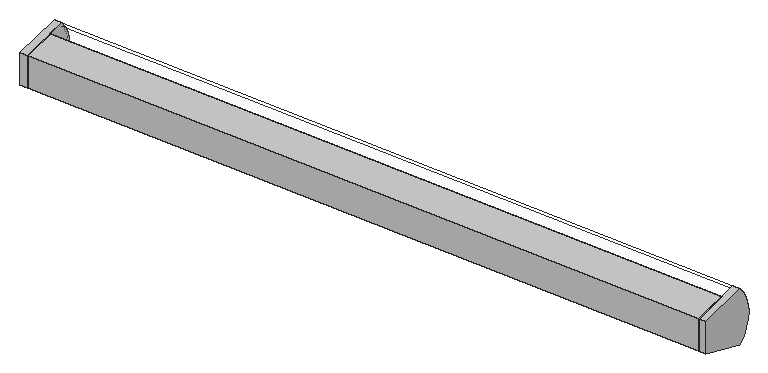
Revit family "67L-W-Bell", category Lighting Fixtures, host Wall, Revit 2021
Family settings
  Host = Wall
  Round Connector Dimension = Use Diameter
  Part Type = Normal
  OmniClass Number = 23.80.70.11.14.17
  OmniClass Title = Direct/Indirect
  Always vertical = Yes
  Cut with Voids When Loaded = No
  Light Source = Yes
  Shared = Yes
  Room Calculation Point = No
Parameters (values of type "Note 67L-Textured Matte White")
  Width = 48.00"
  Watts = 4.5 W
  Wattage Comments = "550 to 1800 lumens/ft"  # constant formula
  Wattage = 4.5 W
  built-in parameter 1150110 = 1 (stored number, unit not read)
  Voltage = 120 V
  URL = "https://www.currentlighting.com/litecontrol"
  Type Comments = "Lighting Fixture"  # constant formula
  built-in parameter 1114217 = 1 (stored number, unit not read)
  Tilt Angle = 0.00°
  built-in parameter 1150109 = 1 (stored number, unit not read)
  built-in parameter 1150134 = (empty or 0)
  built-in parameter 1150113 = 1 (stored number, unit not read)
  Photometric Web File = "67L-W-D-4-4-DM-C1-35K-D055.IES"
  Photometric Notes = "Photometric Web files Download in below link"  # constant formula
  Glass = White Glass
  Product Page URL = ""
  Product Documentation Link = ""
  Power Factor = 1
  Model = "67L-W-Bell"  # constant formula
  Manufacturer = "Litecontrol"  # constant formula
  built-in parameter 1150105 = 43.33 (stored number, unit not read)
  Lumens = 544.5 lm
  built-in parameter 1150115 = 1 (stored number, unit not read)
  Load Classification = Lighting
  built-in parameter 1150137 = (empty or 0)
  built-in parameter 1150139 = (empty or 0)
  built-in parameter 1150112 = 1 (stored number, unit not read)
  built-in parameter 1150114 = 1 (stored number, unit not read)
  Lamp = "LED"  # constant formula
  built-in parameter 1150132 = (empty or 0)
  built-in parameter 1150102 = (empty or 0)
  built-in parameter 1150107 = 3500 (stored number, unit not read)
  built-in parameter 1150138 = (empty or 0)
  built-in parameter 1150106 = 0.4333 (stored number, unit not read)
  Emit from Rectangle Width = Width - 1.00"  # 47.00"
  Emit from Rectangle Length = 3.00"  # constant formula
  Emit Shape Visible in Rendering = no
  built-in parameter 1150104 = 11.241 (stored number, unit not read)
  Dimming Lamp Color Temperature Shift = <None>
  Description = "The NOTE 67L Wall Mount brings direct illumination, ADA compliance, performance and versatility, all within a slim profile and a fresh, contemporary style"  # constant formula
  Default Elevation = 0.00"
  Contact Us = ""
  Color Filter = 16777215
  Housing Material = Paint -  Textured Matte White
  built-in parameter 1114218 = 1 (stored number, unit not read)
  built-in parameter 1150133 = 10 (stored number, unit not read)
  Assembly Code = "D5020210"
  Apparent Load = Watts / Power Factor  # 4.5 VA
Types (6): name | Housing Material
  Note 67L-Carbon Black | Paint -  Carbon Black
  Note 67L-Textured Matte White | Paint -  Textured Matte White
  Note 67L-Light Silver | Paint - Light Silver
  Note 67L-Machined Aluminum | Paint -  Machined Aluminum
  Note 67L-Textured Camera Black | Paint - Textured Camera Black
  Note 67L-Matte White | Paint -  Matte White
Reference planes (in)
  plane 1 "Wall": y = 0
  plane 2 "Center (Left/Right)": x = 4.92126
  plane 3 "Back": y = 2.95276
  plane 4: y = 5.95276
  plane 5: z = 81.34304
Text (in)
  text "Placement Side" at (-36.97918, 19.73443, 0), in view "Ref. Level"
  text "Placement side" at (0, 27.32912, 79.68064), in view "Left"
  text "Placement side" at (0, 10.24977, 82.91007), in view "Right"
Dimensions and locks (in)
  locked: plane 3 "Back" to host wall
  locked: plane 3 "Back" to plane 4 at 3
  aligned and locked: plane 1 "Wall" to host wall
  aligned and locked: nested 1 to plane 2 "Center (Left/Right)"
  aligned and locked: nested 1 to plane 5
Nested families (in)
  nested 1: "Bell Light" at (2.87359, 2.95276, 81.30305) x (-1, 0, 0) z (0, 1, 0), Glass <- "Glass", Backbox <- "Housing Material", Row Length <- "Width", type "Bell Light"
    with Row Length 48.00", Glass White Glass, Backbox Paint -  Textured Matte White
Connectors (in)
  electrical at (4.92126, 2.95276, 81.34499), driven by "Load Classification", driven by "Voltage", driven by "Apparent Load", driven by "Power Factor"
    settings: on nested 1, index 1, voltage 120 V, apparent load 4.5 VA, apparent load phase1 0 VA, apparent load phase2 0 VA, apparent load phase3 0 VA, power factor 1, load classification "Lighting", number of poles 1, system type 30, power factor state 1, is connector primary yes, connector utility no, sub classification motor no, connector description "Lighting Connector"
Definition of nested family "Bell Light"
  Parameters
    Wattage Comments = ""
    URL = ""
    Row Length [instance] = 24.00"
    Product Page URL = ""
    Product Documentation Link = ""
    Model = ""
    Manufacturer Phone = ""
    Manufacturer Fax = ""
    Manufacturer = ""
    Lamp = ""
    Glass [instance] = none
    Description = ""
    Default Elevation = 48.00"
    Backbox [instance] = none
  Reference planes (in)
    plane 1 "Center (Front/Back)": y = 0.03999
    plane 2: z = 0
    plane 3 "Center (Left/Right)": x = -2.04767
    plane 4: x = -14.04767
    plane 5: x = 9.95233
    plane 6: x = -13.54767
    plane 7: x = 9.45233
    plane 8: z = 3.7
    plane 9: y = -1.71001
    plane 10: y = 1.78999
    plane 11: z = 2
    plane 12: y = -0.96001
    plane 13: y = 1.03999
  Forms (in)
    Extrusion 1, solid
      sketch origin (0, 0, 0.06357) x (1, 0, 0) y (0, 1, 0)
        loop
          line (-48, 48) -> (-48, -48) -> (48, -48) -> (48, 48) -> (-48, 48)
      from -0.06357 to -6.06357
    Extrusion 2, solid, material <- "Backbox"
      sketch origin (-2.04767, 0, 0) x (0, 1, 0) y (0, 0, 1)
        loop
          line (-0.96001, 0) -> (1.0439, 0) -> (1.78999, 2.98437)
          arc (1.78999, 2.98437) -> (0.04194, 3.7) -> (-1.7061, 2.98437) r 2.49278
          line (-1.7061, 2.98437) -> (-0.96001, 0)
      from 11.5 to 12
    Extrusion 3, solid, material <- "Backbox"
      sketch origin (-2.04767, 0, 0) x (0, 1, 0) y (0, 0, 1)
        loop
          line (-0.96001, 0) -> (1.0439, 0) -> (1.78999, 2.98437)
          arc (1.78999, 2.98437) -> (0.04194, 3.7) -> (-1.7061, 2.98437) r 2.49278
          line (-1.7061, 2.98437) -> (-0.96001, 0)
      from -11.5 to -12
    Extrusion 4, solid, material <- "Glass"
      sketch origin (-2.04767, 0, 0) x (0, 1, 0) y (0, 0, 1)
        loop
          line (1.5439, 2) -> (1.78999, 2.98437)
          arc (1.78999, 2.98437) -> (0.04194, 3.7) -> (-1.7061, 2.98437) r 2.49278
          line (-1.7061, 2.98437) -> (-1.46001, 2) -> (-1.33116, 2) -> (-1.56721, 2.94418)
          arc (-1.56721, 2.94418) -> (0.04194, 3.575) -> (1.65109, 2.94418) r 2.36778
          line (1.65109, 2.94418) -> (1.41505, 2) -> (1.5439, 2)
      from -11.5 to 11.5
    Extrusion 5, solid, material <- "Backbox"
      sketch origin (-2.04767, 0, 0) x (0, 1, 0) y (0, 0, 1)
        loop
          line (-0.96001, 0) -> (1.0439, 0) -> (1.5439, 2) -> (-1.46001, 2) -> (-0.96001, 0)
      from -11.5 to 11.5
  Dimensions and locks (in)
    equal spacing: plane 5, plane 3 "Center (Left/Right)", plane 4
    plane 6 to plane 4 = 0.50"
    "Row Length": plane 5 to plane 4
    equal spacing: plane 7, plane 3 "Center (Left/Right)", plane 6
    locked: plane 8 to Extrusion 1 at 3.7
    locked: plane 1 "Center (Front/Back)" to plane 9 at 1.75
    locked: plane 10 to plane 9 at 3.5
    locked: plane 13 to plane 12 at 2
    aligned and locked: plane 2 to Extrusion 1
    aligned and locked: level to Extrusion 1
    aligned and locked: plane 5 to Extrusion 2
    aligned and locked: Extrusion 2 to plane 7
    aligned and locked: plane 7 to Extrusion 5
    aligned and locked: Extrusion 5 to plane 6
    aligned and locked: Extrusion 3 to plane 4
    aligned and locked: plane 6 to Extrusion 3
    aligned and locked: Extrusion 5 sketch curve to level
    aligned and locked: Extrusion 5 to Extrusion 3 sketch curve
    aligned and locked: Extrusion 2 sketch curve to Extrusion 3  (x2)
    aligned and locked: Extrusion 4 to plane 6
    aligned and locked: plane 7 to Extrusion 4
    aligned and locked: Extrusion 3 to Extrusion 2 sketch curve
    aligned and locked: Extrusion 2 to Extrusion 5
    aligned and locked: Extrusion 5 to Extrusion 2
    aligned and locked: plane 11 to Extrusion 5
    aligned and locked: Extrusion 3 to Extrusion 4 sketch curve
    aligned and locked: Extrusion 4 sketch curve to Extrusion 3  (x2)
  Automatic sketch dimensions
    Extrusion 1 sketch curve to Extrusion 1 sketch curve = 96.00"  (x2)
    Extrusion 2 sketch curve to plane 10 = 0.74609"
    Extrusion 5 sketch curve to plane 9 = 0.25"
    Extrusion 5 sketch curve to plane 9 = 0.75"
    Extrusion 5 sketch curve to plane 10 = 0.74609"
    Extrusion 5 sketch curve to plane 10 = 0.24609"
    Extrusion 5 sketch curve to plane 8 = 1.70"
    plane 11 to Extrusion 4 sketch curve = 0.00"  (x2)
    Extrusion 4 sketch curve to Extrusion 4 sketch curve = 0.12885"  (x2)
    Extrusion 4 sketch curve to plane 10 = 0.1389"
    Extrusion 3 sketch curve to plane 10 = 0.00"
    Extrusion 3 sketch curve to plane 10 = 0.74609"
    Extrusion 3 sketch curve to plane 1 "Center (Front/Back)" = 0.00195"
    Extrusion 3 sketch curve to plane 9 = 0.75"
    Extrusion 3 sketch curve to plane 9 = 0.00391"
    plane 11 to Extrusion 3 sketch curve = 0.79277"
    Extrusion 3 sketch curve to plane 8 = 0.71562"
    Extrusion 2 sketch curve to plane 10 = 0.00"
    Extrusion 4 sketch curve to Extrusion 4 sketch curve = 0.0402"  (x2)
    Extrusion 4 sketch curve to Extrusion 4 sketch curve = 0.00"  (x2)
